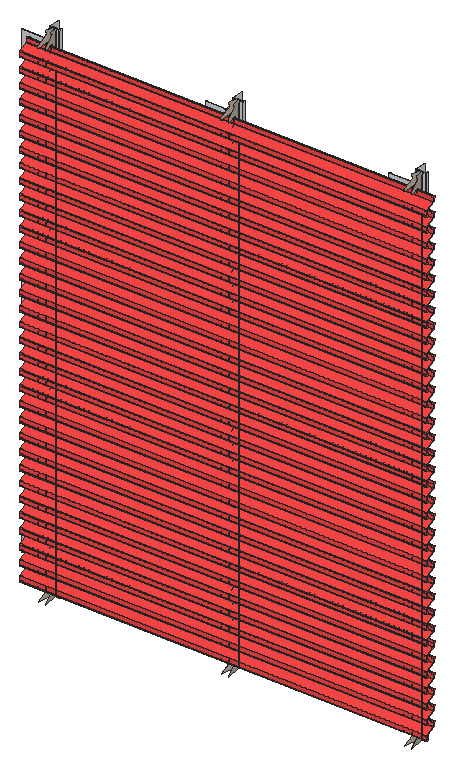
Revit family "HD002-2015.01.12-BT-Conjunto Celosia 70S", category Generic Models, Revit 2016 (continued)
Definition of nested family "Portapanel Paso 70"
  Automatic sketch dimensions
    Extrusion 19 sketch curve to Extrusion 19 sketch curve = 0.342 mm
    Extrusion 19 sketch curve to Extrusion 19 sketch curve = 0.5 mm  (x2)
    Extrusion 19 sketch curve to Extrusion 19 sketch curve = 1.932 mm
    Extrusion 19 sketch curve to Extrusion 19 sketch curve = 0.651 mm
    Extrusion 19 sketch curve to Extrusion 19 sketch curve = 1 mm  (x3)
    Extrusion 19 sketch curve to Extrusion 19 sketch curve = 1.651 mm
    Extrusion 19 sketch curve to Extrusion 19 sketch curve = 3.473 mm
    Extrusion 19 sketch curve to Extrusion 19 sketch curve = 3 mm  (x2)
    Extrusion 19 sketch curve to Extrusion 19 sketch curve = 1.179 mm  (x2)
    Extrusion 19 sketch curve to Extrusion 19 sketch curve = 2 mm  (x3)
    Extrusion 19 sketch curve to Extrusion 19 sketch curve = 2.131 mm
    Extrusion 19 sketch curve to Extrusion 19 sketch curve = 30.278 mm
    Extrusion 19 sketch curve to Extrusion 19 sketch curve = 2.055 mm
    Extrusion 19 sketch curve to Extrusion 19 sketch curve = 0.599 mm
    Extrusion 19 sketch curve to Extrusion 19 sketch curve = 3.443 mm
    Extrusion 19 sketch curve to Extrusion 19 sketch curve = 1.644 mm
    Extrusion 19 sketch curve to Extrusion 19 sketch curve = 0.866 mm
    Extrusion 19 sketch curve to Extrusion 19 sketch curve = 1.187 mm
    Extrusion 19 sketch curve to Extrusion 19 sketch curve = 1.411 mm
    Extrusion 19 sketch curve to Extrusion 19 sketch curve = 0.492 mm
    Extrusion 19 sketch curve to Extrusion 19 sketch curve = 0.556 mm
    Extrusion 19 sketch curve to Extrusion 19 sketch curve = 4.479 mm
    Extrusion 19 sketch curve to Extrusion 19 sketch curve = 28.103 mm
    Extrusion 19 sketch curve to Extrusion 19 sketch curve = 13.862 mm
    Extrusion 19 sketch curve to Extrusion 19 sketch curve = 3.136 mm
    Extrusion 19 sketch curve to Extrusion 19 sketch curve = 1.416 mm
    Extrusion 19 sketch curve to Extrusion 19 sketch curve = 1.835 mm
    Extrusion 19 sketch curve to Extrusion 19 sketch curve = 1.929 mm
    Extrusion 19 sketch curve to Extrusion 19 sketch curve = 5.765 mm
    Extrusion 19 sketch curve to Extrusion 19 sketch curve = 9.658 mm
    Extrusion 20 sketch curve to Extrusion 20 sketch curve = 4.095 mm
    Extrusion 20 sketch curve to Extrusion 20 sketch curve = 4.914 mm
    Extrusion 20 sketch curve to Extrusion 20 sketch curve = 1.553 mm
    Extrusion 20 sketch curve to Extrusion 20 sketch curve = 0.426 mm
    Extrusion 20 sketch curve to Extrusion 20 sketch curve = 0.574 mm
    Extrusion 20 sketch curve to Extrusion 20 sketch curve = 1.226 mm
    Extrusion 20 sketch curve to Extrusion 20 sketch curve = 1.584 mm
    Extrusion 20 sketch curve to Extrusion 20 sketch curve = 0.342 mm
    Extrusion 20 sketch curve to Extrusion 20 sketch curve = 0.5 mm  (x2)
    Extrusion 20 sketch curve to Extrusion 20 sketch curve = 1.932 mm
    Extrusion 20 sketch curve to Extrusion 20 sketch curve = 0.651 mm
    Extrusion 20 sketch curve to Extrusion 20 sketch curve = 1 mm  (x3)
    Extrusion 20 sketch curve to Extrusion 20 sketch curve = 1.651 mm
    Extrusion 20 sketch curve to Extrusion 20 sketch curve = 3.473 mm
    Extrusion 20 sketch curve to Extrusion 20 sketch curve = 3 mm  (x2)
    Extrusion 20 sketch curve to Extrusion 20 sketch curve = 1.179 mm  (x2)
    Extrusion 20 sketch curve to Extrusion 20 sketch curve = 2 mm  (x3)
    Extrusion 20 sketch curve to Extrusion 20 sketch curve = 2.131 mm
    Extrusion 20 sketch curve to Extrusion 20 sketch curve = 30.278 mm
    Extrusion 20 sketch curve to Extrusion 20 sketch curve = 2.055 mm
    Extrusion 20 sketch curve to Extrusion 20 sketch curve = 0.599 mm
    Extrusion 20 sketch curve to Extrusion 20 sketch curve = 3.443 mm
    Extrusion 20 sketch curve to Extrusion 20 sketch curve = 1.644 mm
    Extrusion 20 sketch curve to Extrusion 20 sketch curve = 0.866 mm
    Extrusion 20 sketch curve to Extrusion 20 sketch curve = 1.187 mm
    Extrusion 20 sketch curve to Extrusion 20 sketch curve = 1.411 mm
    Extrusion 20 sketch curve to Extrusion 20 sketch curve = 0.492 mm
    Extrusion 20 sketch curve to Extrusion 20 sketch curve = 0.556 mm
    Extrusion 20 sketch curve to Extrusion 20 sketch curve = 4.479 mm
    Extrusion 20 sketch curve to Extrusion 20 sketch curve = 28.103 mm
    Extrusion 20 sketch curve to Extrusion 20 sketch curve = 13.862 mm
    Extrusion 20 sketch curve to Extrusion 20 sketch curve = 3.136 mm
    Extrusion 20 sketch curve to Extrusion 20 sketch curve = 1.416 mm
    Extrusion 20 sketch curve to Extrusion 20 sketch curve = 1.835 mm
    Extrusion 20 sketch curve to Extrusion 20 sketch curve = 1.929 mm
    Extrusion 20 sketch curve to Extrusion 20 sketch curve = 5.765 mm
    Extrusion 20 sketch curve to Extrusion 20 sketch curve = 9.658 mm
    Extrusion 21 sketch curve to Extrusion 21 sketch curve = 4.095 mm
    Extrusion 21 sketch curve to Extrusion 21 sketch curve = 4.914 mm
    Extrusion 21 sketch curve to Extrusion 21 sketch curve = 1.553 mm
    Extrusion 21 sketch curve to Extrusion 21 sketch curve = 0.426 mm
    Extrusion 21 sketch curve to Extrusion 21 sketch curve = 0.574 mm
    Extrusion 21 sketch curve to Extrusion 21 sketch curve = 1.226 mm
    Extrusion 21 sketch curve to Extrusion 21 sketch curve = 1.584 mm
    Extrusion 21 sketch curve to Extrusion 21 sketch curve = 0.342 mm
    Extrusion 21 sketch curve to Extrusion 21 sketch curve = 0.5 mm  (x2)
    Extrusion 21 sketch curve to Extrusion 21 sketch curve = 1.932 mm
    Extrusion 21 sketch curve to Extrusion 21 sketch curve = 0.651 mm
    Extrusion 21 sketch curve to Extrusion 21 sketch curve = 1 mm  (x3)
    Extrusion 21 sketch curve to Extrusion 21 sketch curve = 1.651 mm
    Extrusion 21 sketch curve to Extrusion 21 sketch curve = 3.473 mm
    Extrusion 21 sketch curve to Extrusion 21 sketch curve = 3 mm  (x2)
    Extrusion 21 sketch curve to Extrusion 21 sketch curve = 1.179 mm  (x2)
    Extrusion 21 sketch curve to Extrusion 21 sketch curve = 2 mm  (x3)
    Extrusion 21 sketch curve to Extrusion 21 sketch curve = 2.131 mm
    Extrusion 21 sketch curve to Extrusion 21 sketch curve = 30.278 mm
    Extrusion 21 sketch curve to Extrusion 21 sketch curve = 2.055 mm
    Extrusion 21 sketch curve to Extrusion 21 sketch curve = 0.599 mm
    Extrusion 21 sketch curve to Extrusion 21 sketch curve = 3.443 mm
    Extrusion 21 sketch curve to Extrusion 21 sketch curve = 1.644 mm
    Extrusion 21 sketch curve to Extrusion 21 sketch curve = 0.866 mm
    Extrusion 21 sketch curve to Extrusion 21 sketch curve = 1.187 mm
    Extrusion 21 sketch curve to Extrusion 21 sketch curve = 1.411 mm
    Extrusion 21 sketch curve to Extrusion 21 sketch curve = 0.492 mm
    Extrusion 21 sketch curve to Extrusion 21 sketch curve = 0.556 mm
    Extrusion 21 sketch curve to Extrusion 21 sketch curve = 4.479 mm
    Extrusion 21 sketch curve to Extrusion 21 sketch curve = 28.103 mm
    Extrusion 21 sketch curve to Extrusion 21 sketch curve = 13.862 mm
    Extrusion 21 sketch curve to Extrusion 21 sketch curve = 3.136 mm
    Extrusion 21 sketch curve to Extrusion 21 sketch curve = 1.416 mm
    Extrusion 21 sketch curve to Extrusion 21 sketch curve = 1.835 mm
    Extrusion 21 sketch curve to Extrusion 21 sketch curve = 1.929 mm
    Extrusion 21 sketch curve to Extrusion 21 sketch curve = 5.765 mm
    Extrusion 21 sketch curve to Extrusion 21 sketch curve = 9.658 mm
    Extrusion 22 sketch curve to Extrusion 22 sketch curve = 4.095 mm
    Extrusion 22 sketch curve to Extrusion 22 sketch curve = 4.914 mm
    Extrusion 22 sketch curve to Extrusion 22 sketch curve = 1.553 mm
    Extrusion 22 sketch curve to Extrusion 22 sketch curve = 0.426 mm
    Extrusion 22 sketch curve to Extrusion 22 sketch curve = 0.574 mm
    Extrusion 22 sketch curve to Extrusion 22 sketch curve = 1.226 mm
    Extrusion 22 sketch curve to Extrusion 22 sketch curve = 1.584 mm
    Extrusion 22 sketch curve to Extrusion 22 sketch curve = 0.342 mm
    Extrusion 22 sketch curve to Extrusion 22 sketch curve = 0.5 mm  (x2)
    Extrusion 22 sketch curve to Extrusion 22 sketch curve = 1.932 mm
    Extrusion 22 sketch curve to Extrusion 22 sketch curve = 0.651 mm
    Extrusion 22 sketch curve to Extrusion 22 sketch curve = 1 mm  (x3)
    Extrusion 22 sketch curve to Extrusion 22 sketch curve = 1.651 mm
    Extrusion 22 sketch curve to Extrusion 22 sketch curve = 3.473 mm
    Extrusion 22 sketch curve to Extrusion 22 sketch curve = 3 mm  (x2)
    Extrusion 22 sketch curve to Extrusion 22 sketch curve = 1.179 mm  (x2)
    Extrusion 22 sketch curve to Extrusion 22 sketch curve = 2 mm  (x3)
    Extrusion 22 sketch curve to Extrusion 22 sketch curve = 2.131 mm
    Extrusion 22 sketch curve to Extrusion 22 sketch curve = 30.278 mm
    Extrusion 22 sketch curve to Extrusion 22 sketch curve = 2.055 mm
    Extrusion 22 sketch curve to Extrusion 22 sketch curve = 0.599 mm
    Extrusion 22 sketch curve to Extrusion 22 sketch curve = 3.443 mm
    Extrusion 22 sketch curve to Extrusion 22 sketch curve = 1.644 mm
    Extrusion 22 sketch curve to Extrusion 22 sketch curve = 0.866 mm
    Extrusion 22 sketch curve to Extrusion 22 sketch curve = 1.187 mm
    Extrusion 22 sketch curve to Extrusion 22 sketch curve = 1.411 mm
    Extrusion 22 sketch curve to Extrusion 22 sketch curve = 0.492 mm
    Extrusion 22 sketch curve to Extrusion 22 sketch curve = 0.556 mm
    Extrusion 22 sketch curve to Extrusion 22 sketch curve = 4.479 mm
    Extrusion 22 sketch curve to Extrusion 22 sketch curve = 28.103 mm
    Extrusion 22 sketch curve to Extrusion 22 sketch curve = 13.862 mm
    Extrusion 22 sketch curve to Extrusion 22 sketch curve = 3.136 mm
    Extrusion 22 sketch curve to Extrusion 22 sketch curve = 1.416 mm
    Extrusion 22 sketch curve to Extrusion 22 sketch curve = 1.835 mm
    Extrusion 22 sketch curve to Extrusion 22 sketch curve = 1.929 mm
    Extrusion 22 sketch curve to Extrusion 22 sketch curve = 5.765 mm
    Extrusion 22 sketch curve to Extrusion 22 sketch curve = 9.658 mm
    Extrusion 23 sketch curve to Extrusion 23 sketch curve = 4.095 mm
    Extrusion 23 sketch curve to Extrusion 23 sketch curve = 4.914 mm
    Extrusion 23 sketch curve to Extrusion 23 sketch curve = 1.553 mm
    Extrusion 23 sketch curve to Extrusion 23 sketch curve = 0.426 mm
    Extrusion 23 sketch curve to Extrusion 23 sketch curve = 0.574 mm
    Extrusion 23 sketch curve to Extrusion 23 sketch curve = 1.226 mm
    Extrusion 23 sketch curve to Extrusion 23 sketch curve = 1.584 mm
    Extrusion 23 sketch curve to Extrusion 23 sketch curve = 0.342 mm
    Extrusion 23 sketch curve to Extrusion 23 sketch curve = 0.5 mm  (x2)
    Extrusion 23 sketch curve to Extrusion 23 sketch curve = 1.932 mm
    Extrusion 23 sketch curve to Extrusion 23 sketch curve = 0.651 mm
    Extrusion 23 sketch curve to Extrusion 23 sketch curve = 1 mm  (x3)
    Extrusion 23 sketch curve to Extrusion 23 sketch curve = 1.651 mm
    Extrusion 23 sketch curve to Extrusion 23 sketch curve = 3.473 mm
    Extrusion 23 sketch curve to Extrusion 23 sketch curve = 3 mm  (x2)
    Extrusion 23 sketch curve to Extrusion 23 sketch curve = 1.179 mm  (x2)
    Extrusion 23 sketch curve to Extrusion 23 sketch curve = 2 mm  (x3)
    Extrusion 23 sketch curve to Extrusion 23 sketch curve = 2.131 mm
    Extrusion 23 sketch curve to Extrusion 23 sketch curve = 30.278 mm
    Extrusion 23 sketch curve to Extrusion 23 sketch curve = 2.055 mm
    Extrusion 23 sketch curve to Extrusion 23 sketch curve = 0.599 mm
    Extrusion 23 sketch curve to Extrusion 23 sketch curve = 3.443 mm
    Extrusion 23 sketch curve to Extrusion 23 sketch curve = 1.644 mm
    Extrusion 23 sketch curve to Extrusion 23 sketch curve = 0.866 mm
    Extrusion 23 sketch curve to Extrusion 23 sketch curve = 1.187 mm
    Extrusion 23 sketch curve to Extrusion 23 sketch curve = 1.411 mm
    Extrusion 23 sketch curve to Extrusion 23 sketch curve = 0.492 mm
    Extrusion 23 sketch curve to Extrusion 23 sketch curve = 0.556 mm
    Extrusion 23 sketch curve to Extrusion 23 sketch curve = 4.479 mm
    Extrusion 23 sketch curve to Extrusion 23 sketch curve = 28.103 mm
    Extrusion 23 sketch curve to Extrusion 23 sketch curve = 13.862 mm
    Extrusion 23 sketch curve to Extrusion 23 sketch curve = 3.136 mm
    Extrusion 23 sketch curve to Extrusion 23 sketch curve = 1.416 mm
    Extrusion 23 sketch curve to Extrusion 23 sketch curve = 1.835 mm
    Extrusion 23 sketch curve to Extrusion 23 sketch curve = 1.929 mm
    Extrusion 23 sketch curve to Extrusion 23 sketch curve = 5.765 mm
    Extrusion 23 sketch curve to Extrusion 23 sketch curve = 9.658 mm
    Extrusion 24 sketch curve to Extrusion 24 sketch curve = 4.095 mm
    Extrusion 24 sketch curve to Extrusion 24 sketch curve = 4.914 mm
    Extrusion 24 sketch curve to Extrusion 24 sketch curve = 1.553 mm
    Extrusion 24 sketch curve to Extrusion 24 sketch curve = 0.426 mm
    Extrusion 24 sketch curve to Extrusion 24 sketch curve = 0.574 mm
    Extrusion 24 sketch curve to Extrusion 24 sketch curve = 1.226 mm
    Extrusion 24 sketch curve to Extrusion 24 sketch curve = 1.584 mm
    Extrusion 24 sketch curve to Extrusion 24 sketch curve = 0.342 mm
    Extrusion 24 sketch curve to Extrusion 24 sketch curve = 0.5 mm  (x2)
    Extrusion 24 sketch curve to Extrusion 24 sketch curve = 1.932 mm
    Extrusion 24 sketch curve to Extrusion 24 sketch curve = 0.651 mm
    Extrusion 24 sketch curve to Extrusion 24 sketch curve = 1 mm  (x3)
    Extrusion 24 sketch curve to Extrusion 24 sketch curve = 1.651 mm
    Extrusion 24 sketch curve to Extrusion 24 sketch curve = 3.473 mm
    Extrusion 24 sketch curve to Extrusion 24 sketch curve = 3 mm  (x2)
    Extrusion 24 sketch curve to Extrusion 24 sketch curve = 1.179 mm  (x2)
    Extrusion 24 sketch curve to Extrusion 24 sketch curve = 2 mm  (x3)
    Extrusion 24 sketch curve to Extrusion 24 sketch curve = 2.131 mm
    Extrusion 24 sketch curve to Extrusion 24 sketch curve = 30.278 mm
    Extrusion 24 sketch curve to Extrusion 24 sketch curve = 2.055 mm
    Extrusion 24 sketch curve to Extrusion 24 sketch curve = 0.599 mm
    Extrusion 24 sketch curve to Extrusion 24 sketch curve = 3.443 mm
    Extrusion 24 sketch curve to Extrusion 24 sketch curve = 1.644 mm
    Extrusion 24 sketch curve to Extrusion 24 sketch curve = 0.866 mm
    Extrusion 24 sketch curve to Extrusion 24 sketch curve = 1.187 mm
    Extrusion 24 sketch curve to Extrusion 24 sketch curve = 1.411 mm
    Extrusion 24 sketch curve to Extrusion 24 sketch curve = 0.492 mm
    Extrusion 24 sketch curve to Extrusion 24 sketch curve = 0.556 mm
    Extrusion 24 sketch curve to Extrusion 24 sketch curve = 4.479 mm
    Extrusion 24 sketch curve to Extrusion 24 sketch curve = 28.103 mm
    Extrusion 24 sketch curve to Extrusion 24 sketch curve = 13.862 mm
    Extrusion 24 sketch curve to Extrusion 24 sketch curve = 3.136 mm
    Extrusion 24 sketch curve to Extrusion 24 sketch curve = 1.416 mm
    Extrusion 24 sketch curve to Extrusion 24 sketch curve = 1.835 mm
    Extrusion 24 sketch curve to Extrusion 24 sketch curve = 1.929 mm
    Extrusion 24 sketch curve to Extrusion 24 sketch curve = 5.765 mm
    Extrusion 24 sketch curve to Extrusion 24 sketch curve = 9.658 mm
    Extrusion 25 sketch curve to Extrusion 25 sketch curve = 4.095 mm
    Extrusion 25 sketch curve to Extrusion 25 sketch curve = 4.914 mm
    Extrusion 25 sketch curve to Extrusion 25 sketch curve = 1.553 mm
    Extrusion 25 sketch curve to Extrusion 25 sketch curve = 0.426 mm
    Extrusion 25 sketch curve to Extrusion 25 sketch curve = 0.574 mm
    Extrusion 25 sketch curve to Extrusion 25 sketch curve = 1.226 mm
    Extrusion 25 sketch curve to Extrusion 25 sketch curve = 1.584 mm
    Extrusion 25 sketch curve to Extrusion 25 sketch curve = 0.342 mm
    Extrusion 25 sketch curve to Extrusion 25 sketch curve = 0.5 mm  (x2)
    Extrusion 25 sketch curve to Extrusion 25 sketch curve = 1.932 mm
    Extrusion 25 sketch curve to Extrusion 25 sketch curve = 0.651 mm
    Extrusion 25 sketch curve to Extrusion 25 sketch curve = 1 mm  (x3)
    Extrusion 25 sketch curve to Extrusion 25 sketch curve = 1.651 mm
    Extrusion 25 sketch curve to Extrusion 25 sketch curve = 3.473 mm
    Extrusion 25 sketch curve to Extrusion 25 sketch curve = 3 mm  (x2)
    Extrusion 25 sketch curve to Extrusion 25 sketch curve = 1.179 mm  (x2)
    Extrusion 25 sketch curve to Extrusion 25 sketch curve = 2 mm  (x3)
    Extrusion 25 sketch curve to Extrusion 25 sketch curve = 2.131 mm
    Extrusion 25 sketch curve to Extrusion 25 sketch curve = 30.278 mm
    Extrusion 25 sketch curve to Extrusion 25 sketch curve = 2.055 mm
    Extrusion 25 sketch curve to Extrusion 25 sketch curve = 0.599 mm
    Extrusion 25 sketch curve to Extrusion 25 sketch curve = 3.443 mm
    Extrusion 25 sketch curve to Extrusion 25 sketch curve = 1.644 mm
    Extrusion 25 sketch curve to Extrusion 25 sketch curve = 0.866 mm
    Extrusion 25 sketch curve to Extrusion 25 sketch curve = 1.187 mm
    Extrusion 25 sketch curve to Extrusion 25 sketch curve = 1.411 mm
    Extrusion 25 sketch curve to Extrusion 25 sketch curve = 0.492 mm
    Extrusion 25 sketch curve to Extrusion 25 sketch curve = 0.556 mm
    Extrusion 25 sketch curve to Extrusion 25 sketch curve = 4.479 mm
    Extrusion 25 sketch curve to Extrusion 25 sketch curve = 28.103 mm
    Extrusion 25 sketch curve to Extrusion 25 sketch curve = 13.862 mm
    Extrusion 25 sketch curve to Extrusion 25 sketch curve = 3.136 mm
    Extrusion 25 sketch curve to Extrusion 25 sketch curve = 1.416 mm
    Extrusion 25 sketch curve to Extrusion 25 sketch curve = 1.835 mm
    Extrusion 25 sketch curve to Extrusion 25 sketch curve = 1.929 mm
    Extrusion 25 sketch curve to Extrusion 25 sketch curve = 5.765 mm
    Extrusion 25 sketch curve to Extrusion 25 sketch curve = 9.658 mm
    Extrusion 26 sketch curve to Extrusion 26 sketch curve = 4.095 mm
    Extrusion 26 sketch curve to Extrusion 26 sketch curve = 4.914 mm
    Extrusion 26 sketch curve to Extrusion 26 sketch curve = 1.553 mm
    Extrusion 26 sketch curve to Extrusion 26 sketch curve = 0.426 mm
    Extrusion 26 sketch curve to Extrusion 26 sketch curve = 0.574 mm
    Extrusion 26 sketch curve to Extrusion 26 sketch curve = 1.226 mm
    Extrusion 26 sketch curve to Extrusion 26 sketch curve = 1.584 mm
    Extrusion 26 sketch curve to Extrusion 26 sketch curve = 0.342 mm
    Extrusion 26 sketch curve to Extrusion 26 sketch curve = 0.5 mm  (x2)
    Extrusion 26 sketch curve to Extrusion 26 sketch curve = 1.932 mm
    Extrusion 26 sketch curve to Extrusion 26 sketch curve = 0.651 mm
    Extrusion 26 sketch curve to Extrusion 26 sketch curve = 1 mm  (x3)
    Extrusion 26 sketch curve to Extrusion 26 sketch curve = 1.651 mm
    Extrusion 26 sketch curve to Extrusion 26 sketch curve = 3.473 mm
    Extrusion 26 sketch curve to Extrusion 26 sketch curve = 3 mm  (x2)
    Extrusion 26 sketch curve to Extrusion 26 sketch curve = 1.179 mm  (x2)
    Extrusion 26 sketch curve to Extrusion 26 sketch curve = 2 mm  (x3)
    Extrusion 26 sketch curve to Extrusion 26 sketch curve = 2.131 mm
    Extrusion 26 sketch curve to Extrusion 26 sketch curve = 30.278 mm
    Extrusion 26 sketch curve to Extrusion 26 sketch curve = 2.055 mm
    Extrusion 26 sketch curve to Extrusion 26 sketch curve = 0.599 mm
    Extrusion 26 sketch curve to Extrusion 26 sketch curve = 3.443 mm
    Extrusion 26 sketch curve to Extrusion 26 sketch curve = 1.644 mm
    Extrusion 26 sketch curve to Extrusion 26 sketch curve = 0.866 mm
    Extrusion 26 sketch curve to Extrusion 26 sketch curve = 1.187 mm
    Extrusion 26 sketch curve to Extrusion 26 sketch curve = 1.411 mm
    Extrusion 26 sketch curve to Extrusion 26 sketch curve = 0.492 mm
    Extrusion 26 sketch curve to Extrusion 26 sketch curve = 0.556 mm
    Extrusion 26 sketch curve to Extrusion 26 sketch curve = 4.479 mm
    Extrusion 26 sketch curve to Extrusion 26 sketch curve = 28.103 mm
    Extrusion 26 sketch curve to Extrusion 26 sketch curve = 13.862 mm
    Extrusion 26 sketch curve to Extrusion 26 sketch curve = 3.136 mm
    Extrusion 26 sketch curve to Extrusion 26 sketch curve = 1.416 mm
    Extrusion 26 sketch curve to Extrusion 26 sketch curve = 1.835 mm
    Extrusion 26 sketch curve to Extrusion 26 sketch curve = 1.929 mm
    Extrusion 26 sketch curve to Extrusion 26 sketch curve = 5.765 mm
    Extrusion 26 sketch curve to Extrusion 26 sketch curve = 9.658 mm
    Extrusion 27 sketch curve to Extrusion 27 sketch curve = 4.095 mm
    Extrusion 27 sketch curve to Extrusion 27 sketch curve = 4.914 mm
    Extrusion 27 sketch curve to Extrusion 27 sketch curve = 1.553 mm
    Extrusion 27 sketch curve to Extrusion 27 sketch curve = 0.426 mm
    Extrusion 27 sketch curve to Extrusion 27 sketch curve = 0.574 mm
    Extrusion 27 sketch curve to Extrusion 27 sketch curve = 1.226 mm
    Extrusion 27 sketch curve to Extrusion 27 sketch curve = 1.584 mm
    Extrusion 27 sketch curve to Extrusion 27 sketch curve = 0.342 mm
    Extrusion 27 sketch curve to Extrusion 27 sketch curve = 0.5 mm  (x2)
    Extrusion 27 sketch curve to Extrusion 27 sketch curve = 1.932 mm
    Extrusion 27 sketch curve to Extrusion 27 sketch curve = 0.651 mm
    Extrusion 27 sketch curve to Extrusion 27 sketch curve = 1 mm  (x3)
    Extrusion 27 sketch curve to Extrusion 27 sketch curve = 1.651 mm
    Extrusion 27 sketch curve to Extrusion 27 sketch curve = 3.473 mm
    Extrusion 27 sketch curve to Extrusion 27 sketch curve = 3 mm  (x2)
    Extrusion 27 sketch curve to Extrusion 27 sketch curve = 1.179 mm  (x2)
    Extrusion 27 sketch curve to Extrusion 27 sketch curve = 2 mm  (x3)
    Extrusion 27 sketch curve to Extrusion 27 sketch curve = 2.131 mm
    Extrusion 27 sketch curve to Extrusion 27 sketch curve = 30.278 mm
    Extrusion 27 sketch curve to Extrusion 27 sketch curve = 2.055 mm
    Extrusion 27 sketch curve to Extrusion 27 sketch curve = 0.599 mm
    Extrusion 27 sketch curve to Extrusion 27 sketch curve = 3.443 mm
    Extrusion 27 sketch curve to Extrusion 27 sketch curve = 1.644 mm
    Extrusion 27 sketch curve to Extrusion 27 sketch curve = 0.866 mm
    Extrusion 27 sketch curve to Extrusion 27 sketch curve = 1.187 mm
    Extrusion 27 sketch curve to Extrusion 27 sketch curve = 1.411 mm
    Extrusion 27 sketch curve to Extrusion 27 sketch curve = 0.492 mm
    Extrusion 27 sketch curve to Extrusion 27 sketch curve = 0.556 mm
    Extrusion 27 sketch curve to Extrusion 27 sketch curve = 4.479 mm
    Extrusion 27 sketch curve to Extrusion 27 sketch curve = 28.103 mm
    Extrusion 27 sketch curve to Extrusion 27 sketch curve = 13.862 mm
    Extrusion 27 sketch curve to Extrusion 27 sketch curve = 3.136 mm
    Extrusion 27 sketch curve to Extrusion 27 sketch curve = 1.416 mm
    Extrusion 27 sketch curve to Extrusion 27 sketch curve = 1.835 mm
    Extrusion 27 sketch curve to Extrusion 27 sketch curve = 1.929 mm
    Extrusion 27 sketch curve to Extrusion 27 sketch curve = 5.765 mm
    Extrusion 27 sketch curve to Extrusion 27 sketch curve = 9.658 mm
    Extrusion 28 sketch curve to Extrusion 28 sketch curve = 4.095 mm
    Extrusion 28 sketch curve to Extrusion 28 sketch curve = 4.914 mm
    Extrusion 28 sketch curve to Extrusion 28 sketch curve = 1.553 mm
    Extrusion 28 sketch curve to Extrusion 28 sketch curve = 0.426 mm
    Extrusion 28 sketch curve to Extrusion 28 sketch curve = 0.574 mm
    Extrusion 28 sketch curve to Extrusion 28 sketch curve = 1.226 mm
    Extrusion 28 sketch curve to Extrusion 28 sketch curve = 1.584 mm
    Extrusion 28 sketch curve to Extrusion 28 sketch curve = 0.342 mm
    Extrusion 28 sketch curve to Extrusion 28 sketch curve = 0.5 mm  (x2)
    Extrusion 28 sketch curve to Extrusion 28 sketch curve = 1.932 mm
    Extrusion 28 sketch curve to Extrusion 28 sketch curve = 0.651 mm
    Extrusion 28 sketch curve to Extrusion 28 sketch curve = 1 mm  (x3)
    Extrusion 28 sketch curve to Extrusion 28 sketch curve = 1.651 mm
    Extrusion 28 sketch curve to Extrusion 28 sketch curve = 3.473 mm
    Extrusion 28 sketch curve to Extrusion 28 sketch curve = 3 mm  (x2)
    Extrusion 28 sketch curve to Extrusion 28 sketch curve = 1.179 mm  (x2)
    Extrusion 28 sketch curve to Extrusion 28 sketch curve = 2 mm  (x3)
    Extrusion 28 sketch curve to Extrusion 28 sketch curve = 2.131 mm
    Extrusion 28 sketch curve to Extrusion 28 sketch curve = 30.278 mm
    Extrusion 28 sketch curve to Extrusion 28 sketch curve = 2.055 mm
    Extrusion 28 sketch curve to Extrusion 28 sketch curve = 0.599 mm
    Extrusion 28 sketch curve to Extrusion 28 sketch curve = 3.443 mm
    Extrusion 28 sketch curve to Extrusion 28 sketch curve = 1.644 mm
    Extrusion 28 sketch curve to Extrusion 28 sketch curve = 0.866 mm
    Extrusion 28 sketch curve to Extrusion 28 sketch curve = 1.187 mm
    Extrusion 28 sketch curve to Extrusion 28 sketch curve = 1.411 mm
    Extrusion 28 sketch curve to Extrusion 28 sketch curve = 0.492 mm
    Extrusion 28 sketch curve to Extrusion 28 sketch curve = 0.556 mm
    Extrusion 28 sketch curve to Extrusion 28 sketch curve = 4.479 mm
    Extrusion 28 sketch curve to Extrusion 28 sketch curve = 28.103 mm
    Extrusion 28 sketch curve to Extrusion 28 sketch curve = 13.862 mm
    Extrusion 28 sketch curve to Extrusion 28 sketch curve = 3.136 mm
    Extrusion 28 sketch curve to Extrusion 28 sketch curve = 1.416 mm
    Extrusion 28 sketch curve to Extrusion 28 sketch curve = 1.835 mm
    Extrusion 28 sketch curve to Extrusion 28 sketch curve = 1.929 mm
    Extrusion 28 sketch curve to Extrusion 28 sketch curve = 5.765 mm
    Extrusion 28 sketch curve to Extrusion 28 sketch curve = 9.658 mm
    Extrusion 29 sketch curve to Extrusion 29 sketch curve = 4.095 mm
    Extrusion 29 sketch curve to Extrusion 29 sketch curve = 4.914 mm
    Extrusion 29 sketch curve to Extrusion 29 sketch curve = 1.553 mm
    Extrusion 29 sketch curve to Extrusion 29 sketch curve = 0.426 mm
    Extrusion 29 sketch curve to Extrusion 29 sketch curve = 0.574 mm
    Extrusion 29 sketch curve to Extrusion 29 sketch curve = 1.226 mm
    Extrusion 29 sketch curve to Extrusion 29 sketch curve = 1.584 mm
    Extrusion 29 sketch curve to Extrusion 29 sketch curve = 0.342 mm
    Extrusion 29 sketch curve to Extrusion 29 sketch curve = 0.5 mm  (x2)
    Extrusion 29 sketch curve to Extrusion 29 sketch curve = 1.932 mm
    Extrusion 29 sketch curve to Extrusion 29 sketch curve = 0.651 mm
    Extrusion 29 sketch curve to Extrusion 29 sketch curve = 1 mm  (x3)
    Extrusion 29 sketch curve to Extrusion 29 sketch curve = 1.651 mm
    Extrusion 29 sketch curve to Extrusion 29 sketch curve = 3.473 mm
    Extrusion 29 sketch curve to Extrusion 29 sketch curve = 3 mm  (x2)
    Extrusion 29 sketch curve to Extrusion 29 sketch curve = 1.179 mm  (x2)
    Extrusion 29 sketch curve to Extrusion 29 sketch curve = 2 mm  (x3)
    Extrusion 29 sketch curve to Extrusion 29 sketch curve = 2.131 mm
    Extrusion 29 sketch curve to Extrusion 29 sketch curve = 30.278 mm
    Extrusion 29 sketch curve to Extrusion 29 sketch curve = 2.055 mm
    Extrusion 29 sketch curve to Extrusion 29 sketch curve = 0.599 mm
    Extrusion 29 sketch curve to Extrusion 29 sketch curve = 3.443 mm
    Extrusion 29 sketch curve to Extrusion 29 sketch curve = 1.644 mm
    Extrusion 29 sketch curve to Extrusion 29 sketch curve = 0.866 mm
    Extrusion 29 sketch curve to Extrusion 29 sketch curve = 1.187 mm
    Extrusion 29 sketch curve to Extrusion 29 sketch curve = 1.411 mm
    Extrusion 29 sketch curve to Extrusion 29 sketch curve = 0.492 mm
    Extrusion 29 sketch curve to Extrusion 29 sketch curve = 0.556 mm
    Extrusion 29 sketch curve to Extrusion 29 sketch curve = 4.479 mm
    Extrusion 29 sketch curve to Extrusion 29 sketch curve = 28.103 mm
    Extrusion 29 sketch curve to Extrusion 29 sketch curve = 13.862 mm
    Extrusion 29 sketch curve to Extrusion 29 sketch curve = 3.136 mm
    Extrusion 29 sketch curve to Extrusion 29 sketch curve = 1.416 mm
    Extrusion 29 sketch curve to Extrusion 29 sketch curve = 1.835 mm
    Extrusion 29 sketch curve to Extrusion 29 sketch curve = 1.929 mm
    Extrusion 29 sketch curve to Extrusion 29 sketch curve = 5.765 mm
    Extrusion 29 sketch curve to Extrusion 29 sketch curve = 9.658 mm
    Extrusion 30 sketch curve to Extrusion 30 sketch curve = 4.095 mm
    Extrusion 30 sketch curve to Extrusion 30 sketch curve = 4.914 mm
    Extrusion 30 sketch curve to Extrusion 30 sketch curve = 1.553 mm
    Extrusion 30 sketch curve to Extrusion 30 sketch curve = 0.426 mm
    Extrusion 30 sketch curve to Extrusion 30 sketch curve = 0.574 mm
    Extrusion 30 sketch curve to Extrusion 30 sketch curve = 1.226 mm
    Extrusion 30 sketch curve to Extrusion 30 sketch curve = 1.584 mm
    Extrusion 30 sketch curve to Extrusion 30 sketch curve = 0.342 mm
    Extrusion 30 sketch curve to Extrusion 30 sketch curve = 0.5 mm  (x2)
    Extrusion 30 sketch curve to Extrusion 30 sketch curve = 1.932 mm
    Extrusion 30 sketch curve to Extrusion 30 sketch curve = 0.651 mm
    Extrusion 30 sketch curve to Extrusion 30 sketch curve = 1 mm  (x3)
    Extrusion 30 sketch curve to Extrusion 30 sketch curve = 1.651 mm
    Extrusion 30 sketch curve to Extrusion 30 sketch curve = 3.473 mm
    Extrusion 30 sketch curve to Extrusion 30 sketch curve = 3 mm  (x2)
    Extrusion 30 sketch curve to Extrusion 30 sketch curve = 1.179 mm  (x2)
    Extrusion 30 sketch curve to Extrusion 30 sketch curve = 2 mm  (x3)
    Extrusion 30 sketch curve to Extrusion 30 sketch curve = 2.131 mm
    Extrusion 30 sketch curve to Extrusion 30 sketch curve = 30.278 mm
    Extrusion 30 sketch curve to Extrusion 30 sketch curve = 2.055 mm
    Extrusion 30 sketch curve to Extrusion 30 sketch curve = 0.599 mm
    Extrusion 30 sketch curve to Extrusion 30 sketch curve = 3.443 mm
    Extrusion 30 sketch curve to Extrusion 30 sketch curve = 1.644 mm
    Extrusion 30 sketch curve to Extrusion 30 sketch curve = 0.866 mm
    Extrusion 30 sketch curve to Extrusion 30 sketch curve = 1.187 mm
    Extrusion 30 sketch curve to Extrusion 30 sketch curve = 1.411 mm
    Extrusion 30 sketch curve to Extrusion 30 sketch curve = 0.492 mm
    Extrusion 30 sketch curve to Extrusion 30 sketch curve = 0.556 mm
    Extrusion 30 sketch curve to Extrusion 30 sketch curve = 4.479 mm
    Extrusion 30 sketch curve to Extrusion 30 sketch curve = 28.103 mm
    Extrusion 30 sketch curve to Extrusion 30 sketch curve = 13.862 mm
    Extrusion 30 sketch curve to Extrusion 30 sketch curve = 3.136 mm
    Extrusion 30 sketch curve to Extrusion 30 sketch curve = 1.416 mm
    Extrusion 30 sketch curve to Extrusion 30 sketch curve = 1.835 mm
    Extrusion 30 sketch curve to Extrusion 30 sketch curve = 1.929 mm
    Extrusion 30 sketch curve to Extrusion 30 sketch curve = 5.765 mm
    Extrusion 30 sketch curve to Extrusion 30 sketch curve = 9.658 mm
    Extrusion 31 sketch curve to Extrusion 31 sketch curve = 4.095 mm
    Extrusion 31 sketch curve to Extrusion 31 sketch curve = 4.914 mm
    Extrusion 31 sketch curve to Extrusion 31 sketch curve = 1.553 mm
    Extrusion 31 sketch curve to Extrusion 31 sketch curve = 0.426 mm
    Extrusion 31 sketch curve to Extrusion 31 sketch curve = 0.574 mm
    Extrusion 31 sketch curve to Extrusion 31 sketch curve = 1.226 mm
    Extrusion 31 sketch curve to Extrusion 31 sketch curve = 1.584 mm
    Extrusion 31 sketch curve to Extrusion 31 sketch curve = 0.342 mm
    Extrusion 31 sketch curve to Extrusion 31 sketch curve = 0.5 mm  (x2)
    Extrusion 31 sketch curve to Extrusion 31 sketch curve = 1.932 mm
    Extrusion 31 sketch curve to Extrusion 31 sketch curve = 0.651 mm
    Extrusion 31 sketch curve to Extrusion 31 sketch curve = 1 mm  (x3)
    Extrusion 31 sketch curve to Extrusion 31 sketch curve = 1.651 mm
    Extrusion 31 sketch curve to Extrusion 31 sketch curve = 3.473 mm
    Extrusion 31 sketch curve to Extrusion 31 sketch curve = 3 mm  (x2)
    Extrusion 31 sketch curve to Extrusion 31 sketch curve = 1.179 mm  (x2)
    Extrusion 31 sketch curve to Extrusion 31 sketch curve = 2 mm  (x3)
    Extrusion 31 sketch curve to Extrusion 31 sketch curve = 2.131 mm
    Extrusion 31 sketch curve to Extrusion 31 sketch curve = 30.278 mm
    Extrusion 31 sketch curve to Extrusion 31 sketch curve = 2.055 mm
    Extrusion 31 sketch curve to Extrusion 31 sketch curve = 0.599 mm
    Extrusion 31 sketch curve to Extrusion 31 sketch curve = 3.443 mm
    Extrusion 31 sketch curve to Extrusion 31 sketch curve = 1.644 mm
    Extrusion 31 sketch curve to Extrusion 31 sketch curve = 0.866 mm
    Extrusion 31 sketch curve to Extrusion 31 sketch curve = 1.187 mm
    Extrusion 31 sketch curve to Extrusion 31 sketch curve = 1.411 mm
    Extrusion 31 sketch curve to Extrusion 31 sketch curve = 0.492 mm
    Extrusion 31 sketch curve to Extrusion 31 sketch curve = 0.556 mm
    Extrusion 31 sketch curve to Extrusion 31 sketch curve = 4.479 mm
    Extrusion 31 sketch curve to Extrusion 31 sketch curve = 28.103 mm
    Extrusion 31 sketch curve to Extrusion 31 sketch curve = 13.862 mm
    Extrusion 31 sketch curve to Extrusion 31 sketch curve = 3.136 mm
    Extrusion 31 sketch curve to Extrusion 31 sketch curve = 1.416 mm
    Extrusion 31 sketch curve to Extrusion 31 sketch curve = 1.835 mm
    Extrusion 31 sketch curve to Extrusion 31 sketch curve = 1.929 mm
    Extrusion 31 sketch curve to Extrusion 31 sketch curve = 5.765 mm
    Extrusion 31 sketch curve to Extrusion 31 sketch curve = 9.658 mm
    Extrusion 32 sketch curve to Extrusion 32 sketch curve = 4.095 mm
    Extrusion 32 sketch curve to Extrusion 32 sketch curve = 4.914 mm
    Extrusion 32 sketch curve to Extrusion 32 sketch curve = 1.553 mm
    Extrusion 32 sketch curve to Extrusion 32 sketch curve = 0.426 mm
    Extrusion 32 sketch curve to Extrusion 32 sketch curve = 0.574 mm
    Extrusion 32 sketch curve to Extrusion 32 sketch curve = 1.226 mm
    Extrusion 32 sketch curve to Extrusion 32 sketch curve = 1.584 mm
    Extrusion 32 sketch curve to Extrusion 32 sketch curve = 0.342 mm
    Extrusion 32 sketch curve to Extrusion 32 sketch curve = 0.5 mm  (x2)
    Extrusion 32 sketch curve to Extrusion 32 sketch curve = 1.932 mm
    Extrusion 32 sketch curve to Extrusion 32 sketch curve = 0.651 mm
    Extrusion 32 sketch curve to Extrusion 32 sketch curve = 1 mm  (x3)
    Extrusion 32 sketch curve to Extrusion 32 sketch curve = 1.651 mm
    Extrusion 32 sketch curve to Extrusion 32 sketch curve = 3.473 mm
    Extrusion 32 sketch curve to Extrusion 32 sketch curve = 3 mm  (x2)
    Extrusion 32 sketch curve to Extrusion 32 sketch curve = 1.179 mm  (x2)
    Extrusion 32 sketch curve to Extrusion 32 sketch curve = 2 mm  (x3)
    Extrusion 32 sketch curve to Extrusion 32 sketch curve = 2.131 mm
    Extrusion 32 sketch curve to Extrusion 32 sketch curve = 30.278 mm
    Extrusion 32 sketch curve to Extrusion 32 sketch curve = 2.055 mm
    Extrusion 32 sketch curve to Extrusion 32 sketch curve = 0.599 mm
    Extrusion 32 sketch curve to Extrusion 32 sketch curve = 3.443 mm
    Extrusion 32 sketch curve to Extrusion 32 sketch curve = 1.644 mm
    Extrusion 32 sketch curve to Extrusion 32 sketch curve = 0.866 mm
    Extrusion 32 sketch curve to Extrusion 32 sketch curve = 1.187 mm
    Extrusion 32 sketch curve to Extrusion 32 sketch curve = 1.411 mm
    Extrusion 32 sketch curve to Extrusion 32 sketch curve = 0.492 mm
    Extrusion 32 sketch curve to Extrusion 32 sketch curve = 0.556 mm
    Extrusion 32 sketch curve to Extrusion 32 sketch curve = 4.479 mm
    Extrusion 32 sketch curve to Extrusion 32 sketch curve = 28.103 mm
    Extrusion 32 sketch curve to Extrusion 32 sketch curve = 13.862 mm
    Extrusion 32 sketch curve to Extrusion 32 sketch curve = 3.136 mm
    Extrusion 32 sketch curve to Extrusion 32 sketch curve = 1.416 mm
    Extrusion 32 sketch curve to Extrusion 32 sketch curve = 1.835 mm
    Extrusion 32 sketch curve to Extrusion 32 sketch curve = 1.929 mm
    Extrusion 32 sketch curve to Extrusion 32 sketch curve = 5.765 mm
    Extrusion 32 sketch curve to Extrusion 32 sketch curve = 9.658 mm
    Extrusion 33 sketch curve to Extrusion 33 sketch curve = 4.095 mm
    Extrusion 33 sketch curve to Extrusion 33 sketch curve = 4.914 mm
    Extrusion 33 sketch curve to Extrusion 33 sketch curve = 1.553 mm
    Extrusion 33 sketch curve to Extrusion 33 sketch curve = 0.426 mm
    Extrusion 33 sketch curve to Extrusion 33 sketch curve = 0.574 mm
    Extrusion 33 sketch curve to Extrusion 33 sketch curve = 1.226 mm
    Extrusion 33 sketch curve to Extrusion 33 sketch curve = 1.584 mm
    Extrusion 33 sketch curve to Extrusion 33 sketch curve = 0.342 mm
    Extrusion 33 sketch curve to Extrusion 33 sketch curve = 0.5 mm  (x2)
    Extrusion 33 sketch curve to Extrusion 33 sketch curve = 1.932 mm
    Extrusion 33 sketch curve to Extrusion 33 sketch curve = 0.651 mm
    Extrusion 33 sketch curve to Extrusion 33 sketch curve = 1 mm  (x3)
    Extrusion 33 sketch curve to Extrusion 33 sketch curve = 1.651 mm
    Extrusion 33 sketch curve to Extrusion 33 sketch curve = 3.473 mm
    Extrusion 33 sketch curve to Extrusion 33 sketch curve = 3 mm  (x2)
    Extrusion 33 sketch curve to Extrusion 33 sketch curve = 1.179 mm  (x2)
    Extrusion 33 sketch curve to Extrusion 33 sketch curve = 2 mm  (x3)
    Extrusion 33 sketch curve to Extrusion 33 sketch curve = 2.131 mm
    Extrusion 33 sketch curve to Extrusion 33 sketch curve = 30.278 mm
    Extrusion 33 sketch curve to Extrusion 33 sketch curve = 2.055 mm
    Extrusion 33 sketch curve to Extrusion 33 sketch curve = 0.599 mm
    Extrusion 33 sketch curve to Extrusion 33 sketch curve = 3.443 mm
    Extrusion 33 sketch curve to Extrusion 33 sketch curve = 1.644 mm
    Extrusion 33 sketch curve to Extrusion 33 sketch curve = 0.866 mm
    Extrusion 33 sketch curve to Extrusion 33 sketch curve = 1.187 mm
    Extrusion 33 sketch curve to Extrusion 33 sketch curve = 1.411 mm
    Extrusion 33 sketch curve to Extrusion 33 sketch curve = 0.492 mm
    Extrusion 33 sketch curve to Extrusion 33 sketch curve = 0.556 mm
    Extrusion 33 sketch curve to Extrusion 33 sketch curve = 4.479 mm
    Extrusion 33 sketch curve to Extrusion 33 sketch curve = 28.103 mm
    Extrusion 33 sketch curve to Extrusion 33 sketch curve = 13.862 mm
    Extrusion 33 sketch curve to Extrusion 33 sketch curve = 3.136 mm
    Extrusion 33 sketch curve to Extrusion 33 sketch curve = 1.416 mm
    Extrusion 33 sketch curve to Extrusion 33 sketch curve = 1.835 mm
    Extrusion 33 sketch curve to Extrusion 33 sketch curve = 1.929 mm
    Extrusion 33 sketch curve to Extrusion 33 sketch curve = 5.765 mm
    Extrusion 33 sketch curve to Extrusion 33 sketch curve = 9.658 mm
    Extrusion 34 sketch curve to Extrusion 34 sketch curve = 4.095 mm
    Extrusion 34 sketch curve to Extrusion 34 sketch curve = 4.914 mm
    Extrusion 34 sketch curve to Extrusion 34 sketch curve = 1.553 mm
    Extrusion 34 sketch curve to Extrusion 34 sketch curve = 0.426 mm
    Extrusion 34 sketch curve to Extrusion 34 sketch curve = 0.574 mm
    Extrusion 34 sketch curve to Extrusion 34 sketch curve = 1.226 mm
    Extrusion 34 sketch curve to Extrusion 34 sketch curve = 1.584 mm
    Extrusion 34 sketch curve to Extrusion 34 sketch curve = 0.342 mm
    Extrusion 34 sketch curve to Extrusion 34 sketch curve = 0.5 mm  (x2)
    Extrusion 34 sketch curve to Extrusion 34 sketch curve = 1.932 mm
    Extrusion 34 sketch curve to Extrusion 34 sketch curve = 0.651 mm
    Extrusion 34 sketch curve to Extrusion 34 sketch curve = 1 mm  (x3)
    Extrusion 34 sketch curve to Extrusion 34 sketch curve = 1.651 mm
    Extrusion 34 sketch curve to Extrusion 34 sketch curve = 3.473 mm
    Extrusion 34 sketch curve to Extrusion 34 sketch curve = 3 mm  (x2)
    Extrusion 34 sketch curve to Extrusion 34 sketch curve = 1.179 mm  (x2)
    Extrusion 34 sketch curve to Extrusion 34 sketch curve = 2 mm  (x3)
    Extrusion 34 sketch curve to Extrusion 34 sketch curve = 2.131 mm
    Extrusion 34 sketch curve to Extrusion 34 sketch curve = 30.278 mm
    Extrusion 34 sketch curve to Extrusion 34 sketch curve = 2.055 mm
    Extrusion 34 sketch curve to Extrusion 34 sketch curve = 0.599 mm
    Extrusion 34 sketch curve to Extrusion 34 sketch curve = 3.443 mm
    Extrusion 34 sketch curve to Extrusion 34 sketch curve = 1.644 mm
    Extrusion 34 sketch curve to Extrusion 34 sketch curve = 0.866 mm
    Extrusion 34 sketch curve to Extrusion 34 sketch curve = 1.187 mm
    Extrusion 34 sketch curve to Extrusion 34 sketch curve = 1.411 mm
    Extrusion 34 sketch curve to Extrusion 34 sketch curve = 0.492 mm
    Extrusion 34 sketch curve to Extrusion 34 sketch curve = 0.556 mm
    Extrusion 34 sketch curve to Extrusion 34 sketch curve = 4.479 mm
    Extrusion 34 sketch curve to Extrusion 34 sketch curve = 28.103 mm
    Extrusion 34 sketch curve to Extrusion 34 sketch curve = 13.862 mm
    Extrusion 34 sketch curve to Extrusion 34 sketch curve = 3.136 mm
    Extrusion 34 sketch curve to Extrusion 34 sketch curve = 1.416 mm
    Extrusion 34 sketch curve to Extrusion 34 sketch curve = 1.835 mm
    Extrusion 34 sketch curve to Extrusion 34 sketch curve = 1.929 mm
    Extrusion 34 sketch curve to Extrusion 34 sketch curve = 5.765 mm
    Extrusion 34 sketch curve to Extrusion 34 sketch curve = 9.658 mm
    plane 1 "Center (Front/Back)" to Extrusion 1 sketch curve = 0 mm
    plane 1 "Center (Front/Back)" to Extrusion 1 sketch curve = 0.8 mm
    Extrusion 1 sketch curve to Extrusion 1 sketch curve = 0.14 mm  (x2)
    Extrusion 1 sketch curve to Extrusion 1 sketch curve = 0.3 mm  (x2)
    plane 3 "Center (Left/Right)" to Extrusion 1 sketch curve = 10.723 mm
    Extrusion 1 sketch curve to Extrusion 1 sketch curve = 78.56 mm
    Extrusion 1 sketch curve to plane 3 "Center (Left/Right)" = 26.617 mm
    Extrusion 1 sketch curve to Extrusion 1 sketch curve = 0 mm
    plane 3 "Center (Left/Right)" to Extrusion 1 sketch curve = 9.932 mm
    Extrusion 1 sketch curve to Extrusion 1 sketch curve = 0.117 mm  (x2)
    Extrusion 1 sketch curve to plane 3 "Center (Left/Right)" = 25.826 mm
    Extrusion 35 sketch curve to Extrusion 35 sketch curve = 4.095 mm
    Extrusion 35 sketch curve to Extrusion 35 sketch curve = 4.914 mm
    Extrusion 35 sketch curve to Extrusion 35 sketch curve = 1.553 mm
    Extrusion 35 sketch curve to Extrusion 35 sketch curve = 0.426 mm
    Extrusion 35 sketch curve to Extrusion 35 sketch curve = 0.574 mm
    Extrusion 35 sketch curve to Extrusion 35 sketch curve = 1.226 mm
    Extrusion 35 sketch curve to Extrusion 35 sketch curve = 1.584 mm
    Extrusion 35 sketch curve to Extrusion 35 sketch curve = 0.342 mm
    Extrusion 35 sketch curve to Extrusion 35 sketch curve = 0.5 mm  (x2)
    Extrusion 35 sketch curve to Extrusion 35 sketch curve = 1.932 mm
    Extrusion 35 sketch curve to Extrusion 35 sketch curve = 0.651 mm
    Extrusion 35 sketch curve to Extrusion 35 sketch curve = 1 mm  (x3)
    Extrusion 35 sketch curve to Extrusion 35 sketch curve = 1.651 mm
    Extrusion 35 sketch curve to Extrusion 35 sketch curve = 3.473 mm
    Extrusion 35 sketch curve to Extrusion 35 sketch curve = 3 mm  (x2)
    Extrusion 35 sketch curve to Extrusion 35 sketch curve = 1.179 mm  (x2)
    Extrusion 35 sketch curve to Extrusion 35 sketch curve = 2 mm  (x3)
    Extrusion 35 sketch curve to Extrusion 35 sketch curve = 2.131 mm
    Extrusion 35 sketch curve to Extrusion 35 sketch curve = 30.278 mm
    Extrusion 35 sketch curve to Extrusion 35 sketch curve = 2.055 mm
    Extrusion 35 sketch curve to Extrusion 35 sketch curve = 0.599 mm
    Extrusion 35 sketch curve to Extrusion 35 sketch curve = 3.443 mm
    Extrusion 35 sketch curve to Extrusion 35 sketch curve = 1.644 mm
    Extrusion 35 sketch curve to Extrusion 35 sketch curve = 0.866 mm
    Extrusion 35 sketch curve to Extrusion 35 sketch curve = 1.187 mm
    Extrusion 35 sketch curve to Extrusion 35 sketch curve = 1.411 mm
    Extrusion 35 sketch curve to Extrusion 35 sketch curve = 0.492 mm
    Extrusion 35 sketch curve to Extrusion 35 sketch curve = 0.556 mm
    Extrusion 35 sketch curve to Extrusion 35 sketch curve = 4.479 mm
    Extrusion 35 sketch curve to Extrusion 35 sketch curve = 28.103 mm
    Extrusion 35 sketch curve to Extrusion 35 sketch curve = 13.862 mm
    Extrusion 35 sketch curve to Extrusion 35 sketch curve = 3.136 mm
    Extrusion 35 sketch curve to Extrusion 35 sketch curve = 1.416 mm
    Extrusion 35 sketch curve to Extrusion 35 sketch curve = 1.835 mm
    Extrusion 35 sketch curve to Extrusion 35 sketch curve = 1.929 mm
    Extrusion 35 sketch curve to Extrusion 35 sketch curve = 5.765 mm
    Extrusion 35 sketch curve to Extrusion 35 sketch curve = 9.658 mm
    Extrusion 36 sketch curve to Extrusion 36 sketch curve = 4.095 mm
    Extrusion 36 sketch curve to Extrusion 36 sketch curve = 4.914 mm
    Extrusion 36 sketch curve to Extrusion 36 sketch curve = 1.553 mm
    Extrusion 36 sketch curve to Extrusion 36 sketch curve = 0.426 mm
    Extrusion 36 sketch curve to Extrusion 36 sketch curve = 0.574 mm
    Extrusion 36 sketch curve to Extrusion 36 sketch curve = 1.226 mm
    Extrusion 36 sketch curve to Extrusion 36 sketch curve = 1.584 mm
    Extrusion 36 sketch curve to Extrusion 36 sketch curve = 0.342 mm
    Extrusion 36 sketch curve to Extrusion 36 sketch curve = 0.5 mm  (x2)
    Extrusion 36 sketch curve to Extrusion 36 sketch curve = 1.932 mm
    Extrusion 36 sketch curve to Extrusion 36 sketch curve = 0.651 mm
    Extrusion 36 sketch curve to Extrusion 36 sketch curve = 1 mm  (x3)
    Extrusion 36 sketch curve to Extrusion 36 sketch curve = 1.651 mm
    Extrusion 36 sketch curve to Extrusion 36 sketch curve = 3.473 mm
    Extrusion 36 sketch curve to Extrusion 36 sketch curve = 3 mm  (x2)
    Extrusion 36 sketch curve to Extrusion 36 sketch curve = 1.179 mm  (x2)
    Extrusion 36 sketch curve to Extrusion 36 sketch curve = 2 mm  (x3)
    Extrusion 36 sketch curve to Extrusion 36 sketch curve = 2.131 mm
    Extrusion 36 sketch curve to Extrusion 36 sketch curve = 30.278 mm
    Extrusion 36 sketch curve to Extrusion 36 sketch curve = 2.055 mm
    Extrusion 36 sketch curve to Extrusion 36 sketch curve = 0.599 mm
    Extrusion 36 sketch curve to Extrusion 36 sketch curve = 3.443 mm
    Extrusion 36 sketch curve to Extrusion 36 sketch curve = 1.644 mm
    Extrusion 36 sketch curve to Extrusion 36 sketch curve = 0.866 mm
    Extrusion 36 sketch curve to Extrusion 36 sketch curve = 1.187 mm
    Extrusion 36 sketch curve to Extrusion 36 sketch curve = 1.411 mm
    Extrusion 36 sketch curve to Extrusion 36 sketch curve = 0.492 mm
    Extrusion 36 sketch curve to Extrusion 36 sketch curve = 0.556 mm
    Extrusion 36 sketch curve to Extrusion 36 sketch curve = 4.479 mm
    Extrusion 36 sketch curve to Extrusion 36 sketch curve = 28.103 mm
    Extrusion 36 sketch curve to Extrusion 36 sketch curve = 13.862 mm
    Extrusion 36 sketch curve to Extrusion 36 sketch curve = 3.136 mm
    Extrusion 36 sketch curve to Extrusion 36 sketch curve = 1.416 mm
    Extrusion 36 sketch curve to Extrusion 36 sketch curve = 1.835 mm
    Extrusion 36 sketch curve to Extrusion 36 sketch curve = 1.929 mm
    Extrusion 36 sketch curve to Extrusion 36 sketch curve = 5.765 mm
    Extrusion 36 sketch curve to Extrusion 36 sketch curve = 9.658 mm
    Extrusion 37 sketch curve to Extrusion 37 sketch curve = 4.095 mm
    Extrusion 37 sketch curve to Extrusion 37 sketch curve = 4.914 mm
    Extrusion 37 sketch curve to Extrusion 37 sketch curve = 1.553 mm
    Extrusion 37 sketch curve to Extrusion 37 sketch curve = 0.426 mm
    Extrusion 37 sketch curve to Extrusion 37 sketch curve = 0.574 mm
    Extrusion 37 sketch curve to Extrusion 37 sketch curve = 1.226 mm
    Extrusion 37 sketch curve to Extrusion 37 sketch curve = 1.584 mm
    Extrusion 37 sketch curve to Extrusion 37 sketch curve = 0.342 mm
    Extrusion 37 sketch curve to Extrusion 37 sketch curve = 0.5 mm  (x2)
    Extrusion 37 sketch curve to Extrusion 37 sketch curve = 1.932 mm
    Extrusion 37 sketch curve to Extrusion 37 sketch curve = 0.651 mm
    Extrusion 37 sketch curve to Extrusion 37 sketch curve = 1 mm  (x3)
    Extrusion 37 sketch curve to Extrusion 37 sketch curve = 1.651 mm
    Extrusion 37 sketch curve to Extrusion 37 sketch curve = 3.473 mm
    Extrusion 37 sketch curve to Extrusion 37 sketch curve = 3 mm  (x2)
    Extrusion 37 sketch curve to Extrusion 37 sketch curve = 1.179 mm  (x2)
    Extrusion 37 sketch curve to Extrusion 37 sketch curve = 2 mm  (x3)
    Extrusion 37 sketch curve to Extrusion 37 sketch curve = 2.131 mm
    Extrusion 37 sketch curve to Extrusion 37 sketch curve = 30.278 mm
    Extrusion 37 sketch curve to Extrusion 37 sketch curve = 2.055 mm
    Extrusion 37 sketch curve to Extrusion 37 sketch curve = 0.599 mm
    Extrusion 37 sketch curve to Extrusion 37 sketch curve = 3.443 mm
    Extrusion 37 sketch curve to Extrusion 37 sketch curve = 1.644 mm
    Extrusion 37 sketch curve to Extrusion 37 sketch curve = 0.866 mm
    Extrusion 37 sketch curve to Extrusion 37 sketch curve = 1.187 mm
    Extrusion 37 sketch curve to Extrusion 37 sketch curve = 1.411 mm
    Extrusion 37 sketch curve to Extrusion 37 sketch curve = 0.492 mm
    Extrusion 37 sketch curve to Extrusion 37 sketch curve = 0.556 mm
    Extrusion 37 sketch curve to Extrusion 37 sketch curve = 4.479 mm
    Extrusion 37 sketch curve to Extrusion 37 sketch curve = 28.103 mm
    Extrusion 37 sketch curve to Extrusion 37 sketch curve = 13.862 mm
    Extrusion 37 sketch curve to Extrusion 37 sketch curve = 3.136 mm
    Extrusion 37 sketch curve to Extrusion 37 sketch curve = 1.416 mm
    Extrusion 37 sketch curve to Extrusion 37 sketch curve = 1.835 mm
    Extrusion 37 sketch curve to Extrusion 37 sketch curve = 1.929 mm
    Extrusion 37 sketch curve to Extrusion 37 sketch curve = 5.765 mm
    Extrusion 37 sketch curve to Extrusion 37 sketch curve = 9.658 mm
Definition of nested family "Panel Celosia 70s"
  Parameters (values of type "Panel Celoscreen")
    Materail = none
    Largo = 2000 mm
  Types (3, lengths in mm): name | Largo
    Panel Celoscreen | 2000
    Panel Celoscreen 2 | 1570
    Panel C70s | 1600
  Reference planes
    plane 1 "Center (Front/Back)": y = 0
    plane 2: z = 0
    plane 3 "Center (Left/Right)": x = 0
  Forms (mm)
    Extrusion 1, solid, material <- "Materail"
      sketch origin (-5.6, -9.255, -5.59) x (0, -0.999391, 0.034899) y (0, -0.034899, -0.999391)
        loop
          arc (34.8, 18.855) -> (36.821, 21.836) -> (39.524, 19.455) r 2.4
          line (39.524, 19.455) -> (39.524, -1.919)
          arc (39.524, -1.919) -> (39.39, -2.42) -> (39.023, -2.786) r 1
          line (39.023, -2.786) -> (0.7, -24.87)
          arc (0.7, -24.87) -> (0.113, -25.456) -> (-0.101, -26.256) r 1.6
          line (-0.101, -26.256) -> (-0.101, -46.42)
          arc (-0.101, -46.42) -> (-2.918, -48.783) -> (-4.757, -45.599) r 2.4
          line (-4.757, -45.599) -> (-4.101, -43.798) -> (-4.853, -43.525) -> (-5.508, -45.325)
          arc (-5.508, -45.325) -> (-3.057, -49.571) -> (0.699, -46.42) r 3.2
          line (0.699, -46.42) -> (0.699, -26.256)
          arc (0.699, -26.256) -> (0.806, -25.856) -> (1.099, -25.563) r 0.8
          line (1.099, -25.563) -> (39.422, -3.479)
          arc (39.422, -3.479) -> (40.082, -2.82) -> (40.324, -1.919) r 1.8
          line (40.324, -1.919) -> (40.324, 19.455)
          arc (40.324, 19.455) -> (36.718, 22.63) -> (34.027, 18.651) r 3.2
          line (34.027, 18.651) -> (34.67, 16.248) -> (35.443, 16.455) -> (34.8, 18.855)
      from 0 to 2000
  Dimensions and locks
    aligned and locked: level to plane 2
Definition of nested family "Perfil Mullion Estandar"
  Parameters (values of type "Perfil mullion")
    N° Escuadras = (Largo perfil / 1200 mm) + 1  # 3
    Largo perfil = 2500 mm
  Reference planes
    plane 1 "Center (Front/Back)": y = 0
    plane 2: z = 0
    plane 3 "Center (Left/Right)": x = 0
    plane 4: y = 581.924
    plane 5: z = 401.25
    plane 6: z = 2400
    plane 7: z = 100
  Forms (mm)
    Extrusion 1, solid
      sketch origin (41.001, 18.195, 606.924) x (1, 0, 0) y (0, 1, 0)
        loop
          line (-44.598, 48.8) -> (-44.598, 50) -> (-52.227, 50)
          arc (-52.227, 50) -> (-53.905, 49.287) -> (-54.597, 47.6) r 2.4
          line (-54.597, 47.6) -> (-54.597, 2.4)
          arc (-54.597, 2.4) -> (-53.889, 0.697) -> (-52.182, 0) r 2.4
          line (-52.182, 0) -> (0, 0) -> (0, 1.2) -> (-52.198, 1.2)
          arc (-52.198, 1.2) -> (-53.038, 1.543) -> (-53.397, 2.377) r 1.2
          line (-53.397, 2.377) -> (-53.397, 47.577)
          arc (-53.397, 47.577) -> (-53.054, 48.44) -> (-52.198, 48.8) r 1.2
          line (-52.198, 48.8) -> (-44.598, 48.8)
      from 1893.076 to -606.924
  Dimensions and locks
    "Largo perfil": Extrusion 1 to level
    locked: Extrusion 1 to plane 6 at 100
    equal spacing: group 1, group 3, group 2  (x2)
    equal spacing: group 2, group 3, group 1
    aligned and locked: level to plane 2
    aligned and locked: Extrusion 1 to level
  Automatic sketch dimensions
    Extrusion 1 sketch curve to Extrusion 1 sketch curve = 0 mm  (x11)
    Extrusion 1 sketch curve to plane 3 "Center (Left/Right)" = 12.397 mm
    Extrusion 1 sketch curve to Extrusion 1 sketch curve = 1.17 mm
    Extrusion 1 sketch curve to Extrusion 1 sketch curve = 1.2 mm  (x4)
    Extrusion 1 sketch curve to Extrusion 1 sketch curve = 0.016 mm
    Extrusion 1 sketch curve to plane 3 "Center (Left/Right)" = 3.597 mm
    Extrusion 1 sketch curve to plane 1 "Center (Front/Back)" = 19.395 mm
    plane 3 "Center (Left/Right)" to Extrusion 1 sketch curve = 41.001 mm
    Extrusion 1 sketch curve to Extrusion 1 sketch curve = 1.177 mm
    Extrusion 1 sketch curve to Extrusion 1 sketch curve = 0.023 mm  (x2)
    Extrusion 1 sketch curve to Extrusion 1 sketch curve = 45.177 mm
  Nested families
    nested 1: "Soporte Anclaje" at (41.001, 16.357, 2290) x (0, 1, 0) z (0, 0, 1), type "Soporte Anclaje"
    nested 2: "Soporte Anclaje" at (41.001, 16.357, 100) x (0, 1, 0) z (0, 0, 1), type "Soporte Anclaje"
    nested 3: "Soporte Anclaje" at (41.001, 16.357, 1195) x (0, 1, 0) z (0, 0, 1), type "Soporte Anclaje"
  Definition of nested family "Soporte Anclaje"
    Parameters (values of type "Soporte Anclaje")
      LARGO = 110 mm
      ESPESOR = 1.2 mm
      ANCHO 2 = 175 mm
      ANCHO 1 = 50 mm
    Reference planes
      plane 1 "Center (Front/Back)": y = 0
      plane 2: z = 0
      plane 3 "Center (Left/Right)": x = 0
      plane 4: z = 71.221
    Forms (mm)
      Extrusion 1, solid
        sketch origin (0, 0, 0) x (1, 0, 0) y (0, 1, 0)
          loop
            line (-175, 0) -> (-4.216, 0)
            arc (-4.216, 0) -> (-1.235, 1.235) -> (0, 4.216) r 4.216
            line (0, 4.216) -> (0, 50) -> (-1.2, 50) -> (-1.2, 4.216)
            arc (-1.2, 4.216) -> (-2.083, 2.083) -> (-4.216, 1.2) r 3.016
            line (-4.216, 1.2) -> (-175, 1.2) -> (-175, 0)
        from 0 to 110
      Extrusion 2, void
        sketch origin (1, 0, 0) x (1, 0, 0) y (0, 0, 1)
          loop
            arc (-153.5, 56.825) -> (-158.5, 51.825) -> (-153.5, 46.825) r 5
            line (-153.5, 46.825) -> (-143.5, 46.825)
            arc (-143.5, 46.825) -> (-138.5, 51.825) -> (-143.5, 56.825) r 5
            line (-143.5, 56.825) -> (-153.5, 56.825)
          loop
            arc (-36.443, 56.825) -> (-41.443, 51.825) -> (-36.443, 46.825) r 5
            line (-36.443, 46.825) -> (-26.443, 46.825)
            arc (-26.443, 46.825) -> (-21.443, 51.825) -> (-26.443, 56.825) r 5
            line (-26.443, 56.825) -> (-36.443, 56.825)
        from 20.258 to -12.964
      Extrusion 3, void
        sketch origin (0, -0.7, 0) x (0, 1, 0) y (0, 0, 1)
          loop
            circle (25.233, 84.478) r 5.5
          loop
            arc (30.733, 30.993) -> (25.233, 36.493) -> (19.733, 30.993) r 5.5
            line (19.733, 30.993) -> (19.733, 19.993)
            arc (19.733, 19.993) -> (25.233, 14.493) -> (30.733, 19.993) r 5.5
            line (30.733, 19.993) -> (30.733, 30.993)
        from 0 to -24.055
    Cuts and joins
      Extrusion 2, Extrusion 3 cuts Extrusion 1
    Dimensions and locks
      "ANCHO 2": Extrusion 1 sketch curve to Extrusion 1 sketch curve
      "ANCHO 1": Extrusion 1 sketch curve to Extrusion 1 sketch curve
      "ESPESOR": Extrusion 1 sketch curve to Extrusion 1 sketch curve  (x2)
      "LARGO": Extrusion 1 to Extrusion 1
      aligned and locked: level to plane 2
    Automatic sketch dimensions
      Extrusion 2 sketch curve to plane 4 = 19.396 mm
      Extrusion 2 sketch curve to plane 3 "Center (Left/Right)" = 152.5 mm
      Extrusion 2 sketch curve to Extrusion 2 sketch curve = 10 mm  (x2)
      Extrusion 2 sketch curve to plane 3 "Center (Left/Right)" = 35.443 mm
      Extrusion 2 sketch curve to Extrusion 2 sketch curve = 5 mm  (x2)
      Extrusion 2 sketch curve to plane 4 = 24.396 mm
      Extrusion 3 sketch curve to plane 1 "Center (Front/Back)" = 19.033 mm
      Extrusion 3 sketch curve to plane 1 "Center (Front/Back)" = 24.533 mm
      Extrusion 3 sketch curve to Extrusion 3 sketch curve = 5.5 mm
      level to Extrusion 3 sketch curve = 19.993 mm
      Extrusion 3 sketch curve to Extrusion 3 sketch curve = 11 mm
      plane 4 to Extrusion 3 sketch curve = 13.258 mm
      Extrusion 1 sketch curve to Extrusion 1 sketch curve = 0 mm  (x2)
